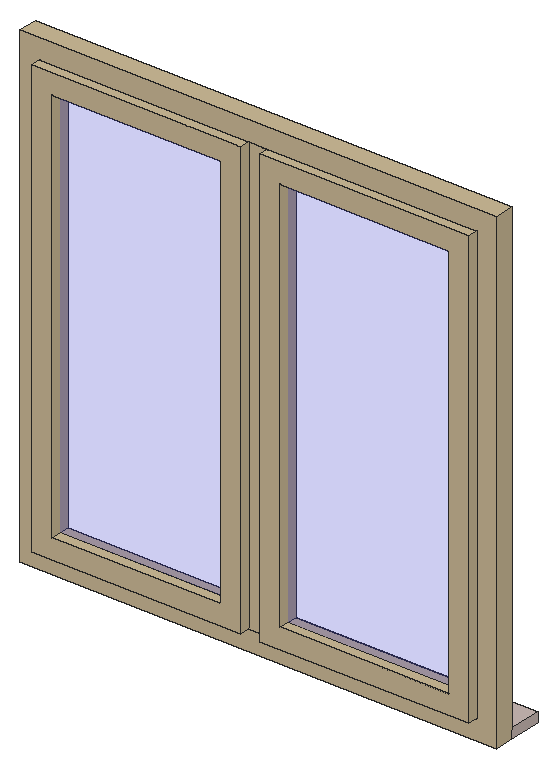
Revit family
Parameters (values of type "1200/1200")
  Operation = "DoublePanelVertical"
  Keynote = "L10/210"
  Height = 120 cm
  Default Sill Height = 80 cm
  Wall Closure = (empty or 0)
  Width = 120 cm
Types (4, lengths in cm): name | Width
  (no name) | 120
  1200/1200 | 120
  1500/1200 | 150
  1800/1200 | 180
Reference planes (cm)
  plane 1: y = 0.05
  plane 2 "Center": x = 0
  plane 3 "Left": x = -60
  plane 4 "Right": x = 60
  plane 5 "Sill": z = 80
  plane 6 "Head": z = 200
  plane 7: y = 2.55
  plane 8: y = -4.95
  plane 9: y = -2.45
  plane 10: z = 190
  plane 11: z = 195
  plane 12: z = 90
  plane 13: z = 85
  plane 14: x = -55
  plane 15: x = -50
  plane 16: x = 50
  plane 17: x = 55
  plane 18: z = 82.5
  plane 19: x = -2.5
  plane 20: x = 2.5
  plane 21: x = -7.5
  plane 22: x = 7.5
  plane 23: x = 28.75
  plane 24: x = -28.75
  plane 25: z = 140
Forms (cm)
  Extrusion 1, solid, material "Default Frame"
    sketch origin (0, 0, 0) x (0, 0, -1) y (1, 0, 0)
      loop
        line (-200, -60) -> (-80, -60) -> (-80, 60) -> (-200, 60) -> (-200, -60)
      loop
        line (-195, -55) -> (-85, -55) -> (-85, 55) -> (-195, 55) -> (-195, -55)
    from -2.55 to 2.45
  Extrusion 2, solid, material "Default Sill", detail levels fine
    sketch origin (0, 0.0519, 0) x (0, 0, -1) y (1, 0, 0)
      loop
        line (-82.5, 60) -> (-82.5, -60) -> (-80, -60) -> (-80, 60) -> (-82.5, 60)
    from -10.4481 to -2.4981
  Extrusion 3, solid, material "Default Frame"
    sketch origin (0, 0, 0) x (0, 0, -1) y (1, 0, 0)
      loop
        line (-195, -55) -> (-85, -55) -> (-85, -2.5) -> (-195, -2.5) -> (-195, -55)
      loop
        line (-190, -50) -> (-90, -50) -> (-90, -7.5) -> (-190, -7.5) -> (-190, -50)
      loop
        line (-195, 2.5) -> (-85, 2.5) -> (-85, 55) -> (-195, 55) -> (-195, 2.5)
      loop
        line (-190, 7.5) -> (-90, 7.5) -> (-90, 50) -> (-190, 50) -> (-190, 7.5)
    from 0 to 4.95
  Extrusion 4, solid, material "Default Frame"
    sketch origin (0, 0, 0) x (0, 0, -1) y (1, 0, 0)
      loop
        line (-195, 2.5) -> (-195, -2.5) -> (-85, -2.5) -> (-85, 2.5) -> (-195, 2.5)
    from -2.55 to 2.45
  Extrusion 5, solid, material "Glass"
    sketch origin (0, 0, 0) x (0, 0, -1) y (1, 0, 0)
      loop
        line (-190, -50) -> (-90, -50) -> (-90, -7.5) -> (-190, -7.5) -> (-190, -50)
      loop
        line (-190, 7.5) -> (-90, 7.5) -> (-90, 50) -> (-190, 50) -> (-190, 7.5)
    from 2.45 to 2.55
Lines and regions (cm)
  Opening 1
    outline origin (350, -7.5, 0) x (1, 0, 0) y (0, 0, 1)
      loop
        line (-290, 80) -> (-290, 200) -> (-410, 200) -> (-410, 80) -> (-290, 80)
  symbolic lines, style "Elevation Swing"
    curve 1: line (55, 0, 85) -> (28.75, 0, 195)
    curve 2: line (28.75, 0, 195) -> (2.5, 0, 85)
    curve 3: line (-2.5, 0, 85) -> (-28.75, 0, 195)
    curve 4: line (-28.75, 0, 195) -> (-55, 0, 85)
Text (cm)
  text "EXTERIOR" at (-325.9869, 133.2353, 0), in view "Ref. Level"
  text "INTERIOR" at (-325.9869, -81.8386, 0), in view "Ref. Level"
  text "Exterior" at (0, 92.3751, 416.4757), in view "Right"
  text "Exterior" at (0, 211.3942, 406.8519), in view "Left"
Dimensions and locks (cm)
  equal spacing: plane 3 "Left", plane 2 "Center", plane 4 "Right"
  "Width": plane 3 "Left" to plane 4 "Right"
  "Height": plane 5 "Sill" to plane 6 "Head"
  "Default Sill Height": plane 5 "Sill" to level
  plane 8 to plane 9 to plane 1 to plane 7 = 2.5 cm locked, 2.5 cm locked, 2.5 cm locked
  plane 3 "Left" to plane 14 to plane 15 = 5 cm locked, 5 cm locked
  plane 16 to plane 17 to plane 4 "Right" = 5 cm locked, 5 cm locked
  plane 12 to plane 13 to plane 5 "Sill" = 5 cm locked, 5 cm locked
  plane 6 "Head" to plane 11 to plane 10 = 5 cm locked, 5 cm locked
  locked: plane 5 "Sill" to plane 18 at 2.5
  locked: Extrusion 2 to host wall at 3
  plane 19 to plane 2 "Center" to plane 20 = 2.5 cm locked, 2.5 cm locked
  locked: Extrusion 5 to plane 9 at 0.1
  equal spacing: plane 22, plane 23, plane 16
  equal spacing: plane 15, plane 24, plane 21
  equal spacing: plane 12, plane 25, plane 10
  aligned and locked: Extrusion 1 to plane 7
  aligned and locked: plane 9 to Extrusion 1
  aligned and locked: plane 7 to Extrusion 2
  aligned and locked: Extrusion 3 to host wall
  aligned and locked: Extrusion 4 to plane 7
  aligned and locked: plane 9 to Extrusion 4
Automatic sketch dimensions
  Opening 1 sketch curve to plane 3 "Left" = 0 cm
  Opening 1 sketch curve to plane 4 "Right" = 0 cm
  Opening 1 sketch curve to plane 5 "Sill" = 0 cm
  Opening 1 sketch curve to plane 6 "Head" = 0 cm
  Extrusion 1 sketch curve to plane 4 "Right" = 0 cm
  Extrusion 1 sketch curve to plane 6 "Head" = 0 cm
  Extrusion 1 sketch curve to plane 11 = 0 cm
  Extrusion 1 sketch curve to plane 13 = 0 cm
  Extrusion 1 sketch curve to plane 5 "Sill" = 0 cm
  Extrusion 1 sketch curve to plane 3 "Left" = 0 cm
  Extrusion 1 sketch curve to plane 14 = 0 cm
  Extrusion 1 sketch curve to plane 17 = 0 cm
  Extrusion 2 sketch curve to plane 3 "Left" = 0 cm
  Extrusion 2 sketch curve to plane 18 = 0 cm
  Extrusion 2 sketch curve to plane 4 "Right" = 0 cm
  Extrusion 2 sketch curve to plane 5 "Sill" = 0 cm
  Extrusion 3 sketch curve to plane 11 = 0 cm  (x2)
  Extrusion 3 sketch curve to plane 10 = 0 cm  (x2)
  Extrusion 3 sketch curve to plane 12 = 0 cm  (x2)
  Extrusion 3 sketch curve to plane 13 = 0 cm  (x2)
  Extrusion 3 sketch curve to plane 14 = 0 cm
  Extrusion 3 sketch curve to plane 15 = 0 cm
  Extrusion 3 sketch curve to plane 21 = 0 cm
  Extrusion 3 sketch curve to plane 19 = 0 cm
  Extrusion 3 sketch curve to plane 20 = 0 cm
  Extrusion 3 sketch curve to plane 22 = 0 cm
  Extrusion 3 sketch curve to plane 16 = 0 cm
  Extrusion 3 sketch curve to plane 17 = 0 cm
  Extrusion 4 sketch curve to plane 11 = 0 cm
  Extrusion 4 sketch curve to plane 13 = 0 cm
  Extrusion 4 sketch curve to plane 19 = 0 cm
  Extrusion 4 sketch curve to plane 20 = 0 cm
  Extrusion 5 sketch curve to plane 10 = 0 cm  (x2)
  Extrusion 5 sketch curve to plane 12 = 0 cm  (x2)
  Extrusion 5 sketch curve to plane 15 = 0 cm
  Extrusion 5 sketch curve to plane 21 = 0 cm
  Extrusion 5 sketch curve to plane 22 = 0 cm
  Extrusion 5 sketch curve to plane 16 = 0 cm
  curve 1 to plane 11 = 0 cm
  curve 3 to plane 11 = 0 cm
  curve 3 to plane 13 = 0 cm
  curve 2 to plane 13 = 0 cm
  curve 4 to plane 13 = 0 cm
  curve 1 to plane 13 = 0 cm
  curve 4 to plane 14 = 0 cm
  curve 3 to plane 24 = 0 cm
  curve 3 to plane 19 = 0 cm
  curve 2 to plane 20 = 0 cm
  curve 2 to plane 23 = 0 cm
  curve 1 to plane 17 = 0 cm
